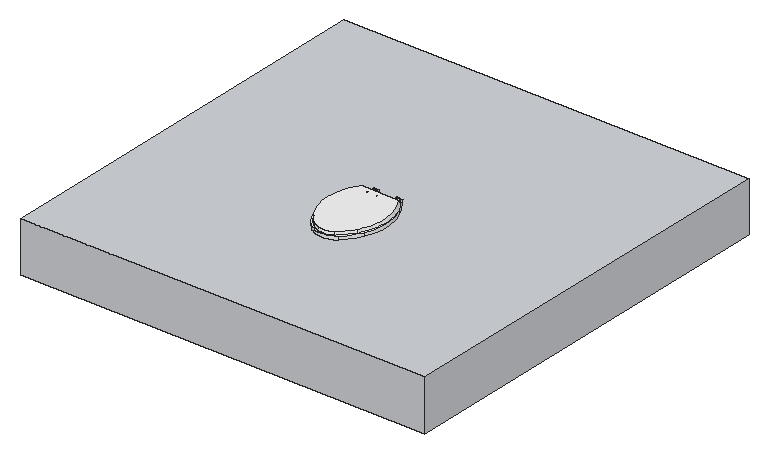
Revit family
Parameters (values of type "Polypropylene-White-0")
  Width = 1' - 2 3/16"
  URL = "http://www.us.kohler.com"
  Product Page URL = "http://www.us.kohler.com/onlinecatalog/detail.jsp?prod_num=4733"
  Product Documentation Link = "http://www.us.kohler.com/onlinecatalog/pdf/1061857_4.pdf"
  Model = "K-4733"  # constant formula
  Manufacturer = "Kohler"  # constant formula
  Length = 1' - 6 5/8"
  Height = 0' - 1 27/32"
  Finish = Polypropylene-Kohler-0-White
  Description = "Glenbury(tm) Elongated Toilet Seat with Q3 Advantage(tm)"  # constant formula
  Default Elevation = 0' - 0"
  Created By = "http://medialab3dstudio.com/"
  Assembly Code = "C1030200"
  ADA Compliant = no
Reference planes (in)
  plane 1 "Pivot Center": y = 0
  plane 2 "Bottom": z = 0
  plane 3 "Center (Left/Right)": x = 0
  plane 4 "Left": x = -7.09375
  plane 5 "Right": x = 7.09375
  plane 6 "Front": y = -18.625
  plane 7 "Top": z = 1.84375
  plane 8: z = 0.95237
  plane 9: z = 0.75688
  plane 10: z = 1.45127
  plane 11: z = 1.94195
  plane 12: y = -3.12931
  plane 13 "Back": y = 1.08495
  plane 14: y = -1.04022
  plane 15: x = -4.11485
  plane 16: x = 4.11485
  plane 17: x = 4.80147
  plane 18: x = -4.80147
  plane 19: y = -1.2242
  plane 20: y = -14.47078
  plane 21: x = -5.26405
  plane 22: x = 5.26405
  plane 23: y = -17.77169
  plane 24: x = -2.35317
  plane 25: x = 2.35317
  plane 26: y = -1.3275
  plane 27: x = -3.98386
  plane 28: x = 3.98786
  plane 29: y = -1.50562
  plane 30: x = 4.64862
  plane 31: x = -4.64862
  plane 32: y = -14.33051
  plane 33: x = -5.09647
  plane 34: x = 5.09647
  plane 35: y = -17.52634
  plane 36: x = 2.27826
  plane 37: x = -2.27826
  plane 38: x = -5.99318
  plane 39: x = 6.00347
  plane 40: y = -13.2792
  plane 41: y = -17.44483
  plane 42: x = 3.19407
  plane 43: x = -3.19371
  plane 44: y = -0.57214
  plane 45: x = -7.26472
  plane 46: y = -3.80313
  plane 47: x = -6.24179
  plane 48: x = -4.70871
  plane 49: x = -4.33174
  plane 50: y = -0.7054
  plane 51: x = -3.42708
  plane 52: y = -1.52498
  plane 53: y = -0.8087
  plane 54: x = 7.26472
  plane 55: x = 6.24179
  plane 56: x = 4.70871
  plane 57: x = 4.33174
  plane 58: x = 3.42708
  plane 59: y = 0.90205
  plane 60: z = 0.38716
  plane 61: y = 1.02392
  plane 62: z = 0.57112
  plane 63: y = 1.06639
  plane 64: y = 0.80927
  plane 65: z = 0.60129
  plane 66: y = -0.10557
  plane 67: z = 0.61726
  plane 68: z = 0.66991
  plane 69: y = -0.48018
  plane 70: y = -0.74537
  plane 71: z = 0.79356
  plane 72: y = -0.88092
  plane 73: z = 0.78646
  plane 74: y = -1.18866
  plane 75: z = 0.70973
  plane 76: x = -3.42685
  plane 77: x = -2.118
  plane 78: x = 2.07618
  plane 79: x = 3.42897
  plane 80: y = -1.10177
  plane 81: z = 0.91266
  plane 82: y = -1.08882
Forms (in)
  Extrusion 1, solid
    sketch origin (0, 0, 0) x (1, 0, 0) y (0, 1, 0)
      loop
        line (-48, 48) -> (-48, -48) -> (48, -48) -> (48, 48) -> (-48, 48)
    from 0 to -12
  Blend 2, solid, material "Polypropylene-Kohler-0-White" <- "Finish"
    base sketch origin (0, 0, 0) x (1, 0, 0) y (0, 1, 0)
      loop
        line (4.11485, -1.04022) -> (-4.11485, -1.04022) -> (-4.80147, -1.2242)
        arc (-4.80147, -1.2242) -> (-6.96148, -7.78014) -> (-5.26405, -14.47078) r 12.34417
        arc (-5.26405, -14.47078) -> (-3.9666, -16.26056) -> (-2.35317, -17.77169) r 11.59958
        arc (-2.35317, -17.77169) -> (0, -18.41734) -> (2.35317, -17.77169) r 4.61111
        arc (2.35317, -17.77169) -> (3.9666, -16.26056) -> (5.26405, -14.47078) r 11.59958
        arc (5.26405, -14.47078) -> (6.96148, -7.78014) -> (4.80147, -1.2242) r 12.34417
        line (4.80147, -1.2242) -> (4.11485, -1.04022)
    top sketch origin (0, 0, 0) x (1, 0, 0) y (0, 1, 0)
      loop
        line (3.98386, -1.3275) -> (-3.98386, -1.3275) -> (-4.64862, -1.50562)
        arc (-4.64862, -1.50562) -> (-6.73987, -7.85286) -> (-5.09647, -14.33051) r 11.95121
        arc (-5.09647, -14.33051) -> (-3.84033, -16.06331) -> (-2.27826, -17.52634) r 11.23032
        arc (-2.27826, -17.52634) -> (0, -18.15144) -> (2.27826, -17.52634) r 4.46432
        arc (2.27826, -17.52634) -> (3.84033, -16.06331) -> (5.09647, -14.33051) r 11.23032
        arc (5.09647, -14.33051) -> (6.73987, -7.85286) -> (4.64862, -1.50562) r 11.95121
        line (4.64862, -1.50562) -> (3.98386, -1.3275)
    from 0.95237 to 1.84375
  Extrusion 3, void
    sketch origin (0, 0, 0) x (0, 1, 0) y (0, 0, 1)
      loop
        line (0, 1.84375) -> (0, 1.94195) -> (-18.625, 1.94195) -> (-18.625, 1.45139) -> (0, 1.84375)
    from -7.09375 to 7.09375
  Extrusion 4, solid, material "Polypropylene-Kohler-0-White" <- "Finish"
    sketch origin (0, 0, 0) x (1, 0, 0) y (0, 1, 0)
      loop
        line (6.00347, -3.12931) -> (-5.99318, -3.12931)
        arc (-5.99318, -3.12931) -> (-7.09725, -8.20426) -> (-5.99318, -13.2792) r 12.2158
        arc (-5.99318, -13.2792) -> (-4.87757, -15.55296) -> (-3.19371, -17.44483) r 9.36926
        arc (-3.19371, -17.44483) -> (0.00024, -18.625) -> (3.19407, -17.44449) r 4.91137
        arc (3.19407, -17.44449) -> (4.82053, -15.51142) -> (6.00347, -13.2792) r 11.92983
        arc (6.00347, -13.2792) -> (7.10753, -8.20426) -> (6.00347, -3.12931) r 12.2158
    from 0 to 0.75688
  Extrusion 5, solid, material "Polypropylene-Kohler-0-White" <- "Finish"
    sketch origin (0, 0, 0) x (0, 1, 0) y (0, 0, 1)
      loop
        arc (-3.12931, 0) -> (-1.90992, 0.16053) -> (-0.76113, 0.59982) r 5.26053
        arc (-0.76113, 0.59982) -> (-0.77843, 0.90812) -> (-0.83848, 1.21102) r 2.21366
        arc (-0.83848, 1.21102) -> (-0.90732, 1.27901) -> (-1.00063, 1.30464) r 0.19141
        arc (-1.00063, 1.30464) -> (-1.11085, 1.30591) -> (-1.21917, 1.28552) r 0.55893
        arc (-1.21917, 1.28552) -> (-1.64538, 1.16483) -> (-2.05554, 0.99753) r 3.98137
        arc (-2.05554, 0.99753) -> (-2.57898, 0.81724) -> (-3.12931, 0.75688) r 2.49387
        line (-3.12931, 0.75688) -> (-3.12931, 0)
    from -7.09375 to 7.09375
  Extrusion 6, void
    sketch origin (0, 0, 0) x (1, 0, 0) y (0, 1, 0)
      loop
        arc (-6.24179, -3.80313) -> (-5.58957, -2.24746) -> (-4.70898, -0.8087) r 11.09088
        arc (-4.70898, -0.8087) -> (-4.52731, -0.73169) -> (-4.33174, -0.7054) r 0.74043
        line (-4.33174, -0.7054) -> (-3.42708, -0.7054) -> (-3.42708, -1.52498)
        arc (-3.42708, -1.52498) -> (0.00094, -1.55068) -> (3.42897, -1.52495) r 228.5301
        line (3.42897, -1.52495) -> (3.42897, -0.7054) -> (4.33174, -0.7054)
        arc (4.33174, -0.7054) -> (4.52731, -0.73169) -> (4.70898, -0.8087) r 0.74043
        arc (4.70898, -0.8087) -> (5.58957, -2.24746) -> (6.24179, -3.80313) r 11.09088
        line (6.24179, -3.80313) -> (7.26472, -3.80313) -> (7.26472, -0.57214) -> (-7.26472, -0.57214) -> (-7.26472, -3.80313) -> (-6.24179, -3.80313)
    from 0 to 1.94195
  Extrusion 7, solid, material "Polypropylene-Kohler-0-White" <- "Finish"
    sketch origin (0, 0, 0) x (0, 1, 0) y (0, 0, 1)
      loop
        line (-1.18866, 0) -> (0.90205, 0)
        arc (0.90205, 0) -> (0.93061, 0.21634) -> (1.06639, 0.38716) r 0.40879
        arc (1.06639, 0.38716) -> (1.08141, 0.48751) -> (1.02392, 0.57112) r 0.13837
        line (1.02392, 0.57112) -> (0.80927, 0.60129) -> (-0.10557, 0.61726)
        arc (-0.10557, 0.61726) -> (-0.29448, 0.63213) -> (-0.48018, 0.66991) r 1.55204
        line (-0.48018, 0.66991) -> (-0.74537, 0.79356)
        arc (-0.74537, 0.79356) -> (-0.81343, 0.79542) -> (-0.88092, 0.78646) r 0.42827
        line (-0.88092, 0.78646) -> (-1.18866, 0.70973) -> (-1.18866, 0)
    from -3.42685 to -2.118
  Extrusion 8, solid, material "Polypropylene-Kohler-0-White" <- "Finish"
    sketch origin (0, 0, 0) x (0, 1, 0) y (0, 0, 1)
      loop
        line (-1.18866, 0) -> (0.90205, 0)
        arc (0.90205, 0) -> (0.93061, 0.21634) -> (1.06639, 0.38716) r 0.40879
        arc (1.06639, 0.38716) -> (1.08141, 0.48751) -> (1.02392, 0.57112) r 0.13837
        line (1.02392, 0.57112) -> (0.80927, 0.60129) -> (-0.10557, 0.61726)
        arc (-0.10557, 0.61726) -> (-0.29448, 0.63213) -> (-0.48018, 0.66991) r 1.55204
        line (-0.48018, 0.66991) -> (-0.74537, 0.79356)
        arc (-0.74537, 0.79356) -> (-0.81343, 0.79542) -> (-0.88092, 0.78646) r 0.42827
        line (-0.88092, 0.78646) -> (-1.18866, 0.70973) -> (-1.18866, 0)
    from 2.07618 to 3.42897
  Extrusion 9, solid, material "Polypropylene-Kohler-0-White" <- "Finish"
    sketch origin (0, 0, 0) x (0, 1, 0) y (0, 0, 1)
      loop
        arc (-0.91311, 0.91266) -> (-0.96837, 1.04607) -> (-1.10177, 1.10133) r 0.18866
        arc (-1.10177, 1.10133) -> (-1.23518, 1.04607) -> (-1.29044, 0.91266) r 0.18866
        arc (-1.29044, 0.91266) -> (-1.23518, 0.77926) -> (-1.10177, 0.724) r 0.18866
        arc (-1.10177, 0.724) -> (-0.96837, 0.77926) -> (-0.91311, 0.91266) r 0.18866
    from -3.42685 to 3.42897
Cuts and joins
  Extrusion 3 cuts Blend 2
  Extrusion 6 cuts Extrusion 5
  joined: Blend 2, Extrusion 4, Extrusion 5, Extrusion 9
Lines and regions (in)
  Masking region 1, detail levels coarse
    outline origin (0, 0, 0) x (1, 0, 0) y (0, 1, 0)
      loop
        line (-7.09375, 1.08495) -> (-7.09375, -18.625) -> (7.09375, -18.625) -> (7.09375, 1.08495) -> (-7.09375, 1.08495)
  Masking region 2, detail levels medium+fine
    outline origin (0, 0, 0) x (1, 0, 0) y (0, 1, 0)
      loop
        arc (-5.99455, -3.1323) -> (-7.09725, -8.2059) -> (-5.99318, -13.2792) r 12.2158
        arc (-5.99318, -13.2792) -> (-4.87757, -15.55296) -> (-3.19371, -17.44483) r 9.36926
        arc (-3.19371, -17.44483) -> (0.00024, -18.625) -> (3.19407, -17.44449) r 4.91137
        arc (3.19407, -17.44449) -> (4.82053, -15.51142) -> (6.00347, -13.2792) r 11.92983
        arc (6.00347, -13.2792) -> (7.10703, -8.09306) -> (5.90924, -2.92787) r 12.2158
        arc (5.90924, -2.92787) -> (5.36746, -1.83524) -> (4.70898, -0.8087) r 11.09088
        arc (4.70898, -0.8087) -> (4.66213, -0.78319) -> (4.61357, -0.76113) r 0.74043
        line (4.61357, -0.76113) -> (3.42897, -0.76113) -> (3.42897, 1.08495) -> (2.07618, 1.08495) -> (2.07618, -0.91505) -> (-2.118, -0.91505) -> (-2.118, 1.08495) -> (-3.42685, 1.08495) -> (-3.42685, -0.76113) -> (-4.61357, -0.76113)
        arc (-4.61357, -0.76113) -> (-4.66213, -0.78319) -> (-4.70898, -0.8087) r 0.74043
        arc (-4.70898, -0.8087) -> (-5.42156, -1.93189) -> (-5.99455, -3.1323) r 11.09088
  Masking region 3, detail levels coarse
    outline origin (0, 0, 0) x (1, 0, 0) y (0, 0, 1)
      loop
        line (-7.09375, 1.84375) -> (-7.09375, 0) -> (7.09375, 0) -> (7.09375, 1.84375) -> (-7.09375, 1.84375)
  Masking region 4, detail levels medium+fine
    outline origin (0, 0, 0) x (1, 0, 0) y (0, 0, 1)
      loop
        line (-7.09725, 0) -> (7.09375, 0) -> (7.09375, 0.75688) -> (5.99334, 0.75688)
        spline (5.99334, 0.75688) -> (5.95799, 0.75827) -> (5.9221, 0.7624) -> (5.88572, 0.76927) -> (5.84887, 0.77887) -> (5.81159, 0.79119) -> (5.77391, 0.80622) -> (5.73587, 0.82395) -> (5.69751, 0.84436) -> (5.65885, 0.86743) -> (5.61995, 0.89314) -> (5.58083, 0.92146) -> (5.54154, 0.95237)
        line (5.54154, 0.95237) -> (6.969, 0.95237) -> (6.78991, 1.67443)
        spline (6.78991, 1.67443) -> (6.77463, 1.68674) -> (6.72883, 1.69901) -> (6.65262, 1.71123) -> (6.54621, 1.72335) -> (6.40986, 1.73534) -> (6.24392, 1.74718) -> (6.04881, 1.75884) -> (5.82502, 1.77028) -> (5.57314, 1.78148) -> (5.2938, 1.7924) -> (4.9877, 1.80302) -> (4.65564, 1.81332)
        line (4.65564, 1.81332) -> (3.98786, 1.81693) -> (-3.98786, 1.81693) -> (-4.65564, 1.81332)
        spline (-4.65564, 1.81332) -> (-4.97852, 1.80332) -> (-5.27691, 1.79302) -> (-5.55012, 1.78243) -> (-5.79748, 1.77158) -> (-6.01839, 1.7605) -> (-6.21233, 1.74921) -> (-6.37883, 1.73774) -> (-6.51749, 1.72612) -> (-6.62798, 1.71437) -> (-6.71003, 1.70253) -> (-6.76344, 1.69062) -> (-6.78809, 1.67867)
      loop
        line (-6.79111, 1.67943) -> (-6.969, 0.95237) -> (-5.5433, 0.95237)
        spline (-5.5433, 0.95237) -> (-5.58335, 0.92174) -> (-5.62306, 0.89364) -> (-5.66238, 0.86811) -> (-5.7013, 0.84517) -> (-5.73976, 0.82484) -> (-5.77773, 0.80713) -> (-5.81518, 0.79208) -> (-5.85207, 0.77968) -> (-5.88836, 0.76995) -> (-5.92403, 0.76291) -> (-5.95903, 0.75855) -> (-5.99334, 0.75688)
        line (-5.99334, 0.75688) -> (-7.09375, 0.75688) -> (-7.09375, 0)
  Masking region 5, detail levels coarse
    outline origin (0, 0, 0) x (0, 1, 0) y (0, 0, 1)
      loop
        line (1.08495, 1.84375) -> (-18.625, 1.84375) -> (-18.625, 0) -> (1.08495, 0) -> (1.08495, 1.84375)
  Masking region 6, detail levels medium+fine
    outline origin (0, 0, 0) x (0, 1, 0) y (0, 0, 1)
      loop
        line (-18.25065, 1.45901) -> (-18.41734, 0.95237) -> (-2.15647, 0.95237)
        arc (-2.15647, 0.95237) -> (-2.63307, 0.80575) -> (-3.12931, 0.75688) r 2.49387
        line (-3.12931, 0.75688) -> (-18.625, 0.75688) -> (-18.625, 0) -> (-3.12931, 0)
        arc (-3.12931, 0) -> (-2.13999, 0.10772) -> (-1.18866, 0.39984) r 5.26053
        line (-1.18866, 0.39984) -> (-1.18866, 0) -> (0.90205, 0)
        arc (0.90205, 0) -> (0.93061, 0.21634) -> (1.06639, 0.38716) r 0.40879
        arc (1.06639, 0.38716) -> (1.08141, 0.48751) -> (1.02392, 0.57112) r 0.13837
        line (1.02392, 0.57112) -> (0.80927, 0.60129) -> (-0.10557, 0.61726)
        arc (-0.10557, 0.61726) -> (-0.29448, 0.63213) -> (-0.48018, 0.66991) r 1.55204
        line (-0.48018, 0.66991) -> (-0.76775, 0.804)
        arc (-0.76775, 0.804) -> (-0.7936, 1.00916) -> (-0.83848, 1.21102) r 2.21366
        arc (-0.83848, 1.21102) -> (-0.90732, 1.27901) -> (-1.00063, 1.30464) r 0.19141
        arc (-1.00063, 1.30464) -> (-1.07752, 1.30782) -> (-1.15412, 1.30041) r 0.55893
        line (-1.15412, 1.30041) -> (-1.31872, 1.81693) -> (-18.25065, 1.45901)
  symbolic lines, style "Masking Lines", detail levels fine
    curve 1: spline (-5.39717, -13.9346, 0) -> (-5.86328, -12.94762, 0) -> (-6.23771, -11.92236, 0) -> (-6.51738, -10.86732, 0) -> (-6.69997, -9.79123, 0) -> (-6.78396, -8.703, 0) -> (-6.76865, -7.61164, 0) -> (-6.65418, -6.52619, 0) -> (-6.4415, -5.45564, 0) -> (-6.13235, -4.40885, 0) -> (-5.72931, -3.39449, 0) -> (-5.23571, -2.42096, 0) -> (-4.65564, -1.49633, 0)
    curve 2: spline (-2.30894, -17.62647, 0) -> (-2.62361, -17.37283, 0) -> (-2.92905, -17.10816, 0) -> (-3.22487, -16.83278, 0) -> (-3.51071, -16.54706, 0) -> (-3.78619, -16.25135, 0) -> (-4.05097, -15.94602, 0) -> (-4.30472, -15.63146, 0) -> (-4.54711, -15.30808, 0) -> (-4.77783, -14.97627, 0) -> (-4.9966, -14.63647, 0) -> (-5.20313, -14.2891, 0) -> (-5.39717, -13.9346, 0)
    curve 3: spline (2.30894, -17.62647, 0) -> (1.95327, -17.81795, 0) -> (1.58185, -17.97676, 0) -> (1.19768, -18.10163, 0) -> (0.80386, -18.19155, 0) -> (0.40355, -18.24579, 0) -> (0, -18.26392, 0) -> (-0.40355, -18.24579, 0) -> (-0.80386, -18.19155, 0) -> (-1.19768, -18.10163, 0) -> (-1.58185, -17.97676, 0) -> (-1.95327, -17.81795, 0) -> (-2.30894, -17.62647, 0)
    curve 4: spline (5.39717, -13.9346, 0) -> (5.20313, -14.2891, 0) -> (4.9966, -14.63647, 0) -> (4.77783, -14.97627, 0) -> (4.54711, -15.30808, 0) -> (4.30472, -15.63146, 0) -> (4.05097, -15.94602, 0) -> (3.78619, -16.25135, 0) -> (3.51071, -16.54706, 0) -> (3.22487, -16.83278, 0) -> (2.92905, -17.10816, 0) -> (2.62361, -17.37283, 0) -> (2.30894, -17.62647, 0)
    curve 5: spline (4.65564, -1.49633, 0) -> (5.23571, -2.42096, 0) -> (5.72931, -3.39449, 0) -> (6.13235, -4.40885, 0) -> (6.4415, -5.45564, 0) -> (6.65418, -6.52619, 0) -> (6.76865, -7.61164, 0) -> (6.78396, -8.703, 0) -> (6.69997, -9.79123, 0) -> (6.51738, -10.86732, 0) -> (6.23771, -11.92236, 0) -> (5.86328, -12.94762, 0) -> (5.39717, -13.9346, 0)
    curve 6: line (3.98786, -1.31872, 0) -> (4.65564, -1.49633, 0)
    curve 7: line (-3.98786, -1.31872, 0) -> (3.98786, -1.31872, 0)
    curve 8: line (-4.65564, -1.49633, 0) -> (-3.98786, -1.31872, 0)
    curve 9: line (-4.06291, -1.15412, 0) -> (-3.42708, -1.15412, 0)
    curve 10: spline (-4.74777, -1.32307, 0) -> (-4.71263, -1.31445, 0) -> (-4.67749, -1.30583, 0) -> (-4.64234, -1.29719, 0) -> (-4.6072, -1.28855, 0) -> (-4.57207, -1.2799, 0) -> (-4.53693, -1.27125, 0) -> (-4.50179, -1.26258, 0) -> (-4.46665, -1.25392, 0) -> (-4.43151, -1.24524, 0) -> (-4.39638, -1.23656, 0) -> (-4.36124, -1.22787, 0) -> (-4.32611, -1.21917, 0)
    curve 11: spline (-4.32611, -1.21917, 0) -> (-4.30416, -1.21386, 0) -> (-4.28223, -1.20852, 0) -> (-4.26029, -1.20317, 0) -> (-4.23835, -1.19779, 0) -> (-4.21641, -1.1924, 0) -> (-4.19448, -1.18699, 0) -> (-4.17255, -1.18156, 0) -> (-4.15062, -1.17611, 0) -> (-4.12869, -1.17064, 0) -> (-4.10676, -1.16515, 0) -> (-4.08484, -1.15965, 0) -> (-4.06291, -1.15412, 0)
    curve 12: spline (-5.30469, -2.05042, 0) -> (-5.25992, -1.99081, 0) -> (-5.21482, -1.93098, 0) -> (-5.1694, -1.87094, 0) -> (-5.12367, -1.81071, 0) -> (-5.07765, -1.75028, 0) -> (-5.03132, -1.68968, 0) -> (-4.98472, -1.62892, 0) -> (-4.93784, -1.56801, 0) -> (-4.8907, -1.50695, 0) -> (-4.8433, -1.44577, 0) -> (-4.79565, -1.38448, 0) -> (-4.74777, -1.32307, 0)
    curve 13: spline (-5.38225, -2.15649, 0) -> (-5.37585, -2.14753, 0) -> (-5.36944, -2.13859, 0) -> (-5.36301, -2.12968, 0) -> (-5.35657, -2.12078, 0) -> (-5.35013, -2.11191, 0) -> (-5.34367, -2.10306, 0) -> (-5.3372, -2.09423, 0) -> (-5.33072, -2.08542, 0) -> (-5.32423, -2.07664, 0) -> (-5.31773, -2.06787, 0) -> (-5.31121, -2.05913, 0) -> (-5.30469, -2.05042, 0)
    curve 14: arc (-5.26405, -14.47078, 0) -> (-6.96843, -8.32943, 0) -> (-5.38225, -2.15649, 0) r 12.34417
    curve 15: arc (-2.35317, -17.77169, 0) -> (-3.9666, -16.26056, 0) -> (-5.26405, -14.47078, 0) r 11.59958
    curve 16: arc (2.35317, -17.77169, 0) -> (0, -18.41734, 0) -> (-2.35317, -17.77169, 0) r 4.61111
    curve 17: arc (5.26405, -14.47078, 0) -> (3.9666, -16.26056, 0) -> (2.35317, -17.77169, 0) r 11.59958
    curve 18: arc (5.38224, -2.15647, 0) -> (6.96843, -8.32942, 0) -> (5.26405, -14.47078, 0) r 12.34417
    curve 19: spline (4.74777, -1.32307, 0) -> (4.79622, -1.38473, 0) -> (4.8444, -1.44631, 0) -> (4.89228, -1.5078, 0) -> (4.93986, -1.56921, 0) -> (4.98713, -1.6305, 0) -> (5.03407, -1.69168, 0) -> (5.08069, -1.75272, 0) -> (5.12697, -1.81362, 0) -> (5.17291, -1.87436, 0) -> (5.21848, -1.93494, 0) -> (5.26369, -1.99533, 0) -> (5.30853, -2.05554, 0)
    curve 20: spline (4.32611, -1.21917, 0) -> (4.36124, -1.22787, 0) -> (4.39638, -1.23656, 0) -> (4.43151, -1.24524, 0) -> (4.46665, -1.25392, 0) -> (4.50179, -1.26258, 0) -> (4.53693, -1.27125, 0) -> (4.57206, -1.2799, 0) -> (4.6072, -1.28855, 0) -> (4.64234, -1.29719, 0) -> (4.67748, -1.30583, 0) -> (4.71263, -1.31445, 0) -> (4.74777, -1.32307, 0)
    curve 21: spline (4.06291, -1.15412, 0) -> (4.08484, -1.15965, 0) -> (4.10676, -1.16515, 0) -> (4.12869, -1.17064, 0) -> (4.15062, -1.17611, 0) -> (4.17255, -1.18156, 0) -> (4.19448, -1.18699, 0) -> (4.21641, -1.1924, 0) -> (4.23835, -1.19779, 0) -> (4.26029, -1.20317, 0) -> (4.28222, -1.20852, 0) -> (4.30416, -1.21386, 0) -> (4.32611, -1.21917, 0)
    curve 22: line (3.42897, -1.15412, 0) -> (4.06291, -1.15412, 0)
    curve 23: line (3.42897, -1.08882, 0) -> (-3.42685, -1.08882, 0)
    curve 24: line (-6.969, -18.625, 0.95237) -> (6.969, -18.625, 0.95237)
    curve 25: line (7.10753, -18.625, 0.75688) -> (-7.09375, -18.625, 0.75688)
    curve 26: spline (-5.0348, -18.625, 1.53382) -> (-5.3092, -18.625, 1.54345) -> (-5.5617, -18.625, 1.55333) -> (-5.79176, -18.625, 1.56343) -> (-5.99891, -18.625, 1.57374) -> (-6.18272, -18.625, 1.58423) -> (-6.3428, -18.625, 1.59488) -> (-6.47882, -18.625, 1.60566) -> (-6.5905, -18.625, 1.61656) -> (-6.6776, -18.625, 1.62756) -> (-6.73995, -18.625, 1.63862) -> (-6.77741, -18.625, 1.64973) -> (-6.78991, -18.625, 1.66086)
    curve 27: spline (-2.30032, -18.625, 1.47161) -> (-2.56877, -18.625, 1.47598) -> (-2.83059, -18.625, 1.48051) -> (-3.08555, -18.625, 1.4852) -> (-3.3334, -18.625, 1.49004) -> (-3.57392, -18.625, 1.49504) -> (-3.8069, -18.625, 1.50018) -> (-4.03212, -18.625, 1.50546) -> (-4.24936, -18.625, 1.51088) -> (-4.45844, -18.625, 1.51643) -> (-4.65917, -18.625, 1.52211) -> (-4.85134, -18.625, 1.5279) -> (-5.0348, -18.625, 1.53382)
    curve 28: spline (2.30894, -18.625, 1.47171) -> (1.95402, -18.625, 1.46783) -> (1.58341, -18.625, 1.4646) -> (1.2001, -18.625, 1.46206) -> (0.80715, -18.625, 1.46023) -> (0.40772, -18.625, 1.45913) -> (0.00502, -18.625, 1.45875) -> (-0.39772, -18.625, 1.45911) -> (-0.79727, -18.625, 1.4602) -> (-1.19042, -18.625, 1.46201) -> (-1.57402, -18.625, 1.46453) -> (-1.94498, -18.625, 1.46774) -> (-2.30032, -18.625, 1.47161)
    curve 29: spline (5.03298, -18.625, 1.53373) -> (4.85009, -18.625, 1.52784) -> (4.65854, -18.625, 1.52206) -> (4.45851, -18.625, 1.5164) -> (4.25017, -18.625, 1.51087) -> (4.03373, -18.625, 1.50547) -> (3.80937, -18.625, 1.50021) -> (3.5773, -18.625, 1.49508) -> (3.33774, -18.625, 1.4901) -> (3.09089, -18.625, 1.48527) -> (2.83699, -18.625, 1.48059) -> (2.57626, -18.625, 1.47607) -> (2.30894, -18.625, 1.47171)
    curve 30: spline (6.78991, -18.625, 1.66084) -> (6.7774, -18.625, 1.6497) -> (6.7399, -18.625, 1.63858) -> (6.67749, -18.625, 1.62752) -> (6.59029, -18.625, 1.61652) -> (6.47849, -18.625, 1.60561) -> (6.34233, -18.625, 1.59482) -> (6.18208, -18.625, 1.58417) -> (5.99808, -18.625, 1.57367) -> (5.79071, -18.625, 1.56336) -> (5.56041, -18.625, 1.55325) -> (5.30766, -18.625, 1.54337) -> (5.03298, -18.625, 1.53373)
    curve 31: arc (0, -1.18866, 0.39984) -> (0, -0.97265, 0.49503) -> (0, -0.76113, 0.59982) r 5.26053
    curve 32: arc (0, -1.15385, 1.29957) -> (0, -1.66228, 1.15896) -> (0, -2.14767, 0.95237) r 3.98137
    curve 33: spline (5.54154, 1.08495, 0.95237) -> (5.53716, 1.08495, 0.95596) -> (5.53279, 1.08495, 0.95958) -> (5.52841, 1.08495, 0.96324) -> (5.52403, 1.08495, 0.96692) -> (5.51965, 1.08495, 0.97064) -> (5.51527, 1.08495, 0.97439) -> (5.51089, 1.08495, 0.97817) -> (5.5065, 1.08495, 0.98198) -> (5.50212, 1.08495, 0.98582) -> (5.49773, 1.08495, 0.98969) -> (5.49334, 1.08495, 0.9936) -> (5.48895, 1.08495, 0.99753)
    curve 34: spline (5.48895, 1.08495, 0.99753) -> (5.45144, 1.08495, 1.02938) -> (5.41317, 1.08495, 1.05982) -> (5.37414, 1.08495, 1.08887) -> (5.33438, 1.08495, 1.1165) -> (5.2939, 1.08495, 1.1427) -> (5.25271, 1.08495, 1.16747) -> (5.21083, 1.08495, 1.1908) -> (5.16826, 1.08495, 1.21267) -> (5.12504, 1.08495, 1.23309) -> (5.08117, 1.08495, 1.25204) -> (5.03666, 1.08495, 1.26952) -> (4.99154, 1.08495, 1.28552)
    curve 35: spline (4.99154, 1.08495, 1.28552) -> (4.9796, 1.08495, 1.29043) -> (4.96757, 1.08495, 1.29474) -> (4.95547, 1.08495, 1.29846) -> (4.94329, 1.08495, 1.30157) -> (4.93105, 1.08495, 1.30408) -> (4.91876, 1.08495, 1.30598) -> (4.90643, 1.08495, 1.30728) -> (4.89407, 1.08495, 1.30797) -> (4.88169, 1.08495, 1.30805) -> (4.86929, 1.08495, 1.30752) -> (4.85688, 1.08495, 1.30638) -> (4.84449, 1.08495, 1.30464)
    curve 36: spline (4.84449, 1.08495, 1.30464) -> (4.83307, 1.08495, 1.30411) -> (4.82179, 1.08495, 1.30216) -> (4.81073, 1.08495, 1.29881) -> (4.79995, 1.08495, 1.29407) -> (4.7895, 1.08495, 1.28797) -> (4.77944, 1.08495, 1.28054) -> (4.76984, 1.08495, 1.27184) -> (4.76074, 1.08495, 1.26189) -> (4.7522, 1.08495, 1.25078) -> (4.74427, 1.08495, 1.23854) -> (4.73699, 1.08495, 1.22527) -> (4.7304, 1.08495, 1.21102)
    curve 37: spline (4.7304, 1.08495, 1.21102) -> (4.72843, 1.08495, 1.20084) -> (4.7265, 1.08495, 1.19063) -> (4.7246, 1.08495, 1.18041) -> (4.72273, 1.08495, 1.17017) -> (4.72089, 1.08495, 1.15992) -> (4.71909, 1.08495, 1.14964) -> (4.71732, 1.08495, 1.13935) -> (4.71558, 1.08495, 1.12904) -> (4.71388, 1.08495, 1.11872) -> (4.71221, 1.08495, 1.10837) -> (4.71058, 1.08495, 1.09802) -> (4.70898, 1.08495, 1.08764)
    curve 38: line (4.70898, 1.08495, 1.08764) -> (4.70898, 1.08495, 0.57586)
    curve 39: spline (4.70898, 1.08495, 0.57586) -> (4.83233, 1.08495, 0.49027) -> (4.95325, 1.08495, 0.4112) -> (5.07157, 1.08495, 0.33878) -> (5.18712, 1.08495, 0.2731) -> (5.29975, 1.08495, 0.21424) -> (5.4093, 1.08495, 0.1623) -> (5.51563, 1.08495, 0.11734) -> (5.61857, 1.08495, 0.07942) -> (5.718, 1.08495, 0.0486) -> (5.81378, 1.08495, 0.02492) -> (5.90577, 1.08495, 0.00841) -> (5.99384, 1.08495, -0.0009)
    curve 40: spline (4.61357, 1.08495, 0.59982) -> (4.62182, 1.08495, 0.59801) -> (4.63002, 1.08495, 0.59616) -> (4.63816, 1.08495, 0.59426) -> (4.64626, 1.08495, 0.59231) -> (4.6543, 1.08495, 0.59033) -> (4.66229, 1.08495, 0.5883) -> (4.67022, 1.08495, 0.58622) -> (4.67809, 1.08495, 0.58411) -> (4.68591, 1.08495, 0.58195) -> (4.69366, 1.08495, 0.57974) -> (4.70135, 1.08495, 0.5775) -> (4.70898, 1.08495, 0.57521)
    curve 41: line (4.61357, 1.08495, 0.59982) -> (3.42897, 1.08495, 0.59982)
    curve 42: line (3.42897, 1.08495, 0) -> (3.42897, 1.08495, 0.79356)
    curve 43: line (3.42897, 1.08495, 0.27383) -> (3.42897, 1.08495, 1.30464)
    curve 44: line (3.42897, 1.08495, 1.30464) -> (4.84449, 1.08495, 1.30464)
    curve 45: line (-3.42708, 1.08495, 1.10088) -> (3.42897, 1.08495, 1.10088)
    curve 46: line (2.07618, 1.08495, 0.79356) -> (3.42897, 1.08495, 0.79356)
    curve 47: line (2.07618, 1.08495, 0.79356) -> (2.07618, 1.08495, 0)
    curve 48: line (2.07618, 1.08495, 0.38716) -> (3.42897, 1.08495, 0.38716)
    curve 49: line (2.07618, 1.08495, 0.57112) -> (3.42897, 1.08495, 0.57112)
    curve 50: line (2.07618, 1.08495, 0.60129) -> (3.42897, 1.08495, 0.60129)
    curve 51: line (2.07618, 1.08495, 0.66991) -> (3.42897, 1.08495, 0.66991)
    curve 52: spline (-2.118, 1.08495, 0.26848) -> (-1.76849, 1.08495, 0.26748) -> (-1.41898, 1.08495, 0.26666) -> (-1.06947, 1.08495, 0.26602) -> (-0.71995, 1.08495, 0.26557) -> (-0.37043, 1.08495, 0.26529) -> (-0.02091, 1.08495, 0.26518) -> (0.32861, 1.08495, 0.26526) -> (0.67813, 1.08495, 0.26552) -> (1.02764, 1.08495, 0.26596) -> (1.37716, 1.08495, 0.26658) -> (1.72667, 1.08495, 0.26738) -> (2.07618, 1.08495, 0.26835)
    curve 53: line (2.07618, 1.08495, 0.75688) -> (-3.42708, 1.08495, 0.75688)
    curve 54: line (-3.42708, 1.08495, 0.38716) -> (-2.118, 1.08495, 0.38716)
    curve 55: line (-3.42708, 1.08495, 0.57112) -> (-2.118, 1.08495, 0.57112)
    curve 56: line (-3.42708, 1.08495, 0.60129) -> (-2.118, 1.08495, 0.60129)
    curve 57: line (-3.42708, 1.08495, 0.66991) -> (-2.118, 1.08495, 0.66991)
    curve 58: line (-3.42708, 1.08495, 0.79356) -> (-2.118, 1.08495, 0.79356)
    curve 59: line (-2.118, 1.08495, 0) -> (-2.118, 1.08495, 0.79356)
    curve 60: line (-3.42708, 1.08495, 1.30464) -> (-3.42708, 1.08495, 0)
    curve 61: line (-4.84449, 1.08495, 1.30464) -> (-3.42708, 1.08495, 1.30464)
    curve 62: line (-3.42708, 1.08495, 0.59982) -> (-4.61357, 1.08495, 0.59982)
    curve 63: spline (-4.71059, 1.08495, 0.57473) -> (-4.70284, 1.08495, 0.57706) -> (-4.69502, 1.08495, 0.57934) -> (-4.68714, 1.08495, 0.58159) -> (-4.6792, 1.08495, 0.58379) -> (-4.6712, 1.08495, 0.58595) -> (-4.66313, 1.08495, 0.58806) -> (-4.65501, 1.08495, 0.59013) -> (-4.64683, 1.08495, 0.59216) -> (-4.63859, 1.08495, 0.59414) -> (-4.6303, 1.08495, 0.59608) -> (-4.62196, 1.08495, 0.59797) -> (-4.61357, 1.08495, 0.59982)
    curve 64: spline (-5.99382, 1.08495, -0.00092) -> (-5.90471, 1.08495, 0.00767) -> (-5.81191, 1.08495, 0.02356) -> (-5.71553, 1.08495, 0.04674) -> (-5.61571, 1.08495, 0.07717) -> (-5.51258, 1.08495, 0.11482) -> (-5.40629, 1.08495, 0.15963) -> (-5.29698, 1.08495, 0.21153) -> (-5.18481, 1.08495, 0.27047) -> (-5.06992, 1.08495, 0.33635) -> (-4.95248, 1.08495, 0.40909) -> (-4.83265, 1.08495, 0.48858) -> (-4.71059, 1.08495, 0.57473)
    curve 65: spline (-4.84449, 1.08495, 1.30464) -> (-4.85709, 1.08495, 1.30636) -> (-4.86967, 1.08495, 1.30749) -> (-4.8822, 1.08495, 1.308) -> (-4.89468, 1.08495, 1.30792) -> (-4.9071, 1.08495, 1.30722) -> (-4.91944, 1.08495, 1.30592) -> (-4.93171, 1.08495, 1.30402) -> (-4.94389, 1.08495, 1.30152) -> (-4.95598, 1.08495, 1.29841) -> (-4.96795, 1.08495, 1.29471) -> (-4.97981, 1.08495, 1.29041) -> (-4.99154, 1.08495, 1.28552)
    curve 66: spline (-4.99154, 1.08495, 1.28552) -> (-5.03702, 1.08495, 1.26935) -> (-5.08182, 1.08495, 1.25173) -> (-5.12592, 1.08495, 1.23267) -> (-5.16931, 1.08495, 1.21217) -> (-5.21197, 1.08495, 1.19025) -> (-5.25389, 1.08495, 1.16691) -> (-5.29505, 1.08495, 1.14215) -> (-5.33543, 1.08495, 1.116) -> (-5.37503, 1.08495, 1.08845) -> (-5.41382, 1.08495, 1.05951) -> (-5.4518, 1.08495, 1.0292) -> (-5.48895, 1.08495, 0.99753)
    curve 67: spline (-5.48895, 1.08495, 0.99753) -> (-5.4935, 1.08495, 0.9936) -> (-5.49804, 1.08495, 0.98969) -> (-5.50259, 1.08495, 0.98582) -> (-5.50712, 1.08495, 0.98198) -> (-5.51166, 1.08495, 0.97817) -> (-5.51619, 1.08495, 0.97439) -> (-5.52072, 1.08495, 0.97064) -> (-5.52524, 1.08495, 0.96692) -> (-5.52976, 1.08495, 0.96324) -> (-5.53428, 1.08495, 0.95958) -> (-5.53879, 1.08495, 0.95596) -> (-5.5433, 1.08495, 0.95237)
    curve 68: arc (0, -0.76113, 0.59982) -> (0, -0.76208, 0.70199) -> (0, -0.76775, 0.804) r 2.21366
Dimensions and locks (in)
  equal spacing: plane 4 "Left", plane 3 "Center (Left/Right)", plane 5 "Right"
  "Width": plane 4 "Left" to plane 5 "Right"
  "Length": plane 6 "Front" to plane 1 "Pivot Center"
  "Height": plane 7 "Top" to plane 2 "Bottom"
  plane 21 to plane 18 to plane 15 to plane 24 to plane 3 "Center (Left/Right)" to plane 25 to plane 16 to plane 17 to plane 22 = 0' - 0.46258" locked, 0' - 0.68662" locked, 0' - 1.76168" locked, 0' - 2.35317" locked, 0' - 2.35317" locked, 0' - 1.76168" locked, 0' - 0.68662" locked, 0' - 0.46258" locked
  plane 23 to plane 20 to plane 19 to plane 14 to plane 13 "Back" = 0' - 3.30091" locked, 1' - 1.24658" locked, 0' - 0.18398" locked, 0' - 2.12517" locked
  plane 33 to plane 31 to plane 27 to plane 37 to plane 3 "Center (Left/Right)" to plane 36 to plane 28 to plane 30 to plane 34 = 0' - 0.44786" locked, 0' - 0.66476" locked, 0' - 1.70559" locked, 0' - 2.27826" locked, 0' - 2.27826" locked, 0' - 1.7096" locked, 0' - 0.66076" locked, 0' - 0.44786" locked
  plane 35 to plane 32 to plane 29 to plane 26 to plane 13 "Back" = 0' - 3.19583" locked, 1' - 0.82489" locked, 0' - 0.17812" locked, 0' - 2.41245" locked
  plane 38 to plane 43 to plane 3 "Center (Left/Right)" to plane 42 to plane 39 = 0' - 2.79947" locked, 0' - 3.19371" locked, 0' - 3.19407" locked, 0' - 2.8094" locked
  plane 41 to plane 40 to plane 13 "Back" = 0' - 4.16563" locked, 1' - 2.36415" locked
  plane 45 to plane 47 to plane 48 to plane 49 to plane 51 to plane 3 "Center (Left/Right)" to plane 58 to plane 57 to plane 56 to plane 55 to plane 54 = 0' - 1.02293" locked, 0' - 1.53307" locked, 0' - 0.37697" locked, 0' - 0.90466" locked, 0' - 3.42708" locked, 0' - 3.42708" locked, 0' - 0.90466" locked, 0' - 0.37697" locked, 0' - 1.53307" locked, 0' - 1.02293" locked
  plane 46 to plane 52 to plane 53 to plane 50 to plane 44 to plane 13 "Back" = 0' - 2.27816" locked, 0' - 0.71628" locked, 0' - 0.1033" locked, 0' - 0.13325" locked, 0' - 1.6571" locked
  plane 13 "Back" to plane 63 to plane 61 to plane 59 to plane 64 to plane 66 to plane 69 to plane 70 to plane 72 to plane 74 = 0' - 0.01856" locked, 0' - 0.04247" locked, 0' - 0.12187" locked, 0' - 0.09278" locked, 0' - 0.91484" locked, 0' - 0.37461" locked, 0' - 0.26519" locked, 0' - 0.13556" locked, 0' - 0.30774" locked
  plane 71 to plane 73 to plane 75 to plane 68 to plane 67 to plane 65 to plane 62 to plane 60 to plane 2 "Bottom" = 0' - 0.0071" locked, 0' - 0.07673" locked, 0' - 0.03983" locked, 0' - 0.05265" locked, 0' - 0.01597" locked, 0' - 0.03017" locked, 0' - 0.18396" locked, 0' - 0.38716" locked
  locked: plane 13 "Back" to plane 80 at 2.18673
  locked: plane 81 to plane 2 "Bottom" at 0.91266
  aligned and locked: plane 2 "Bottom" to Extrusion 1
  aligned and locked: level to Extrusion 1
  aligned and locked: plane 7 "Top" to Blend 2
  aligned and locked: Extrusion 3 to plane 4 "Left"
  aligned and locked: Extrusion 3 to plane 5 "Right"
  aligned and locked: plane 11 to Extrusion 3
  aligned and locked: Extrusion 3 to plane 6 "Front"
  aligned and locked: Extrusion 3 to plane 1 "Pivot Center"
  aligned and locked: plane 1 "Pivot Center" to Extrusion 3 sketch curve
  aligned and locked: plane 7 "Top" to Extrusion 3 sketch curve
  aligned and locked: plane 6 "Front" to Extrusion 3 sketch curve
  aligned and locked: Extrusion 4 to plane 9
  aligned and locked: Extrusion 4 to plane 2 "Bottom"
  aligned and locked: Extrusion 5 to plane 4 "Left"
  aligned and locked: Extrusion 5 to plane 5 "Right"
  aligned and locked: plane 11 to Extrusion 6
  aligned and locked: Blend 2 sketch curve to plane 14
  aligned and locked: plane 14 to Blend 2 sketch curve
  aligned and locked: plane 15 to Blend 2 sketch curve
  aligned and locked: plane 18 to Blend 2 sketch curve
  aligned and locked: plane 19 to Blend 2 sketch curve  (x2)
  aligned and locked: plane 21 to Blend 2 sketch curve
  aligned and locked: plane 20 to Blend 2 sketch curve  (x2)
  aligned and locked: plane 24 to Blend 2 sketch curve
  aligned and locked: plane 23 to Blend 2 sketch curve  (x2)
  aligned and locked: plane 25 to Blend 2 sketch curve
  aligned and locked: plane 22 to Blend 2 sketch curve
  aligned and locked: plane 17 to Blend 2 sketch curve
  aligned and locked: plane 16 to Blend 2 sketch curve
  aligned and locked: Blend 2 sketch curve to plane 26
  aligned and locked: plane 27 to Blend 2 sketch curve
  aligned and locked: plane 26 to Blend 2 sketch curve
  aligned and locked: plane 31 to Blend 2 sketch curve
  aligned and locked: plane 29 to Blend 2 sketch curve  (x2)
  aligned and locked: plane 32 to Blend 2 sketch curve  (x2)
  aligned and locked: plane 33 to Blend 2 sketch curve
  aligned and locked: plane 37 to Blend 2 sketch curve
  aligned and locked: plane 35 to Blend 2 sketch curve  (x2)
  aligned and locked: plane 36 to Blend 2 sketch curve
  aligned and locked: plane 34 to Blend 2 sketch curve
  aligned and locked: plane 30 to Blend 2 sketch curve
  aligned and locked: plane 12 to Extrusion 4 sketch curve
  aligned and locked: plane 38 to Extrusion 4 sketch curve  (x2)
  aligned and locked: plane 40 to Extrusion 4 sketch curve  (x2)
  aligned and locked: plane 43 to Extrusion 4 sketch curve
  aligned and locked: plane 41 to Extrusion 4 sketch curve
  aligned and locked: plane 42 to Extrusion 4 sketch curve
  aligned and locked: plane 39 to Extrusion 4 sketch curve  (x2)
  aligned and locked: plane 44 to Extrusion 6 sketch curve
  aligned and locked: Extrusion 6 sketch curve to plane 45
  aligned and locked: Extrusion 6 sketch curve to plane 46
  aligned and locked: plane 47 to Extrusion 6 sketch curve
  aligned and locked: plane 53 to Extrusion 6 sketch curve  (x2)
  aligned and locked: plane 50 to Extrusion 6 sketch curve  (x2)
  aligned and locked: plane 49 to Extrusion 6 sketch curve
  aligned and locked: Extrusion 6 sketch curve to plane 50
  aligned and locked: Extrusion 6 sketch curve to plane 51
  aligned and locked: plane 52 to Extrusion 6 sketch curve
  aligned and locked: plane 54 to Extrusion 6 sketch curve
  aligned and locked: plane 55 to Extrusion 6 sketch curve
  aligned and locked: plane 46 to Extrusion 6 sketch curve
  aligned and locked: plane 57 to Extrusion 6 sketch curve
  aligned and locked: Extrusion 6 sketch curve to Extrusion 8
  aligned and locked: Extrusion 6 to plane 2 "Bottom"
  aligned and locked: plane 2 "Bottom" to Extrusion 7 sketch curve  (x2)
  aligned and locked: plane 59 to Extrusion 7 sketch curve
  aligned and locked: plane 63 to Extrusion 7 sketch curve
  aligned and locked: plane 60 to Extrusion 7 sketch curve
  aligned and locked: plane 61 to Extrusion 7 sketch curve
  aligned and locked: plane 62 to Extrusion 7 sketch curve
  aligned and locked: plane 64 to Extrusion 7 sketch curve
  aligned and locked: plane 65 to Extrusion 7 sketch curve
  aligned and locked: plane 66 to Extrusion 7 sketch curve
  aligned and locked: plane 67 to Extrusion 7 sketch curve
  aligned and locked: plane 69 to Extrusion 7 sketch curve
  aligned and locked: plane 68 to Extrusion 7 sketch curve
  aligned and locked: plane 70 to Extrusion 7 sketch curve
  aligned and locked: plane 71 to Extrusion 7 sketch curve
  aligned and locked: plane 72 to Extrusion 7 sketch curve
  aligned and locked: plane 73 to Extrusion 7 sketch curve
  aligned and locked: plane 74 to Extrusion 7 sketch curve
  aligned and locked: plane 75 to Extrusion 7 sketch curve
  aligned and locked: plane 79 to Extrusion 8
  aligned and locked: Extrusion 8 to plane 78
  aligned and locked: plane 77 to Extrusion 7
  aligned and locked: Extrusion 7 to plane 76
  aligned and locked: plane 80 to Extrusion 9 sketch curve  (x2)
  aligned and locked: plane 81 to Extrusion 9 sketch curve  (x2)
  aligned and locked: plane 13 "Back" to Masking region 1 sketch curve
  aligned and locked: plane 5 "Right" to Masking region 1 sketch curve
  aligned and locked: plane 6 "Front" to Masking region 1 sketch curve
  aligned and locked: plane 4 "Left" to Masking region 1 sketch curve
  aligned and locked: Extrusion 8 to Masking region 2 sketch curve
  aligned and locked: Masking region 2 sketch curve to plane 13 "Back"  (x2)
  aligned and locked: Masking region 2 sketch curve to Extrusion 8
  aligned and locked: Extrusion 7 to Masking region 2 sketch curve
  aligned and locked: Masking region 2 sketch curve to Extrusion 7
  aligned and locked: curve 23 to plane 82
  aligned and locked: Masking region 3 sketch curve to plane 7 "Top"
  aligned and locked: plane 4 "Left" to Masking region 3 sketch curve
  aligned and locked: plane 5 "Right" to Masking region 3 sketch curve
  aligned and locked: plane 2 "Bottom" to Masking region 3 sketch curve
  aligned and locked: plane 5 "Right" to Masking region 4 sketch curve
  aligned and locked: plane 4 "Left" to Masking region 4 sketch curve
  aligned and locked: plane 7 "Top" to Masking region 5 sketch curve
  aligned and locked: Masking region 5 sketch curve to plane 13 "Back"
  aligned and locked: Masking region 5 sketch curve to plane 6 "Front"
  aligned and locked: Masking region 6 sketch curve to plane 6 "Front"
  aligned and locked: Extrusion 7 to Masking region 6 sketch curve
  aligned and locked: Masking region 6 sketch curve to Extrusion 7  (x7)
  aligned and locked: plane 79 to Extrusion 9
  aligned and locked: Extrusion 9 to plane 76
  aligned and locked: curve 31 to cut or joined group of Blend 2, Extrusion 3, Extrusion 4, Extrusion 5, Extrusion 6, Extrusion 9
  aligned and locked: curve 32 to cut or joined group of Blend 2, Extrusion 3, Extrusion 4, Extrusion 5, Extrusion 6, Extrusion 9
  aligned and locked: Masking region 6 to curve 32
  aligned and locked: curve 68 to cut or joined group of Blend 2, Extrusion 3, Extrusion 4, Extrusion 5, Extrusion 6, Extrusion 9
Automatic sketch dimensions
  Extrusion 1 sketch curve to Extrusion 1 sketch curve = 8' - 0"  (x2)
  Blend 2 sketch curve to Blend 2 sketch curve = 0' - 0"  (x4)
  Blend 2 sketch curve to Blend 2 sketch curve = 0' - 0.64175"  (x2)
  Blend 2 sketch curve to Blend 2 sketch curve = 0' - 3.96546"
  Blend 2 sketch curve to Blend 2 sketch curve = 0' - 0.62132"  (x2)
  Blend 2 sketch curve to Blend 2 sketch curve = 0' - 0.66476"
  Blend 2 sketch curve to Blend 2 sketch curve = 0' - 3.83923"
  Extrusion 3 sketch curve to plane 11 = 0' - 0"
  plane 10 to Extrusion 3 sketch curve = 0' - 0.00012"
  Extrusion 5 sketch curve to level = 0' - 0"
  Extrusion 5 sketch curve to plane 12 = 0' - 0"
  plane 9 to Extrusion 5 sketch curve = 0' - 0"
  Extrusion 5 sketch curve to plane 12 = 0' - 0.07222"
  plane 12 to Extrusion 5 sketch curve = 0' - 0.00493"
  plane 12 to Extrusion 5 sketch curve = 0' - 0.15473"
  Extrusion 5 sketch curve to plane 8 = 0' - 0.04517"
  Extrusion 5 sketch curve to Extrusion 5 sketch curve = 0' - 0.91904"
  Extrusion 5 sketch curve to Extrusion 5 sketch curve = 0' - 0"
  Extrusion 5 sketch curve to plane 10 = 0' - 0.16575"
  Extrusion 5 sketch curve to Extrusion 5 sketch curve = 0' - 0.83636"
  plane 9 to Extrusion 5 sketch curve = 0' - 0.00778"
  Extrusion 5 sketch curve to Extrusion 5 sketch curve = 0' - 0.15704"
  Extrusion 5 sketch curve to Extrusion 5 sketch curve = 0' - 0.21615"
  Extrusion 5 sketch curve to plane 10 = 0' - 0.14663"
  Extrusion 5 sketch curve to Extrusion 5 sketch curve = 0' - 0.16215"
  Extrusion 5 sketch curve to Extrusion 5 sketch curve = 0' - 0.30101"
  Extrusion 5 sketch curve to Extrusion 5 sketch curve = 0' - 0.14928"
  plane 9 to Extrusion 5 sketch curve = 0' - 0.12669"
  Extrusion 7 sketch curve to Extrusion 7 sketch curve = 0' - 0.08991"
  plane 1 "Pivot Center" to Extrusion 7 sketch curve = 0' - 0.07848"
  level to Extrusion 7 sketch curve = 0' - 0.05661"
  Extrusion 7 sketch curve to Extrusion 7 sketch curve = 0' - 0.06922"
  Extrusion 8 sketch curve to level = 0' - 0"
  plane 12 to Extrusion 8 sketch curve = 0' - 1.94065"
  Extrusion 8 sketch curve to plane 9 = 0' - 0.02958"
  Extrusion 8 sketch curve to Extrusion 8 sketch curve = 0' - 0.30774"
  Extrusion 8 sketch curve to Extrusion 8 sketch curve = 0' - 0.08991"
  Extrusion 8 sketch curve to plane 9 = 0' - 0.03668"
  Extrusion 8 sketch curve to Extrusion 8 sketch curve = 0' - 0.13556"
  plane 9 to Extrusion 8 sketch curve = 0' - 0.08698"
  Extrusion 8 sketch curve to Extrusion 8 sketch curve = 0' - 0.26519"
  plane 9 to Extrusion 8 sketch curve = 0' - 0.13962"
  Extrusion 8 sketch curve to Extrusion 8 sketch curve = 0' - 0.37461"
  plane 11 to Extrusion 8 sketch curve = 0' - 0.22711"
  plane 9 to Extrusion 8 sketch curve = 0' - 0.15559"
  Extrusion 8 sketch curve to plane 1 "Pivot Center" = 0' - 0.80927"
  Extrusion 8 sketch curve to plane 1 "Pivot Center" = 0' - 0.90205"
  Extrusion 8 sketch curve to Extrusion 8 sketch curve = 0' - 0.13731"
  Extrusion 8 sketch curve to Extrusion 8 sketch curve = 0' - 0.07733"
  Extrusion 8 sketch curve to Extrusion 8 sketch curve = 0' - 0.1198"
  level to Extrusion 8 sketch curve = 0' - 0.05661"
  Extrusion 8 sketch curve to Extrusion 8 sketch curve = 0' - 0.40485"
  Extrusion 8 sketch curve to Extrusion 8 sketch curve = 0' - 0.06922"
  plane 9 to Extrusion 8 sketch curve = 0' - 0.04715"
  plane 41 to Extrusion 4 sketch curve = 0' - 0"
  Extrusion 4 sketch curve to plane 38 = 0' - 0.88491"
  Extrusion 4 sketch curve to Extrusion 4 sketch curve = 0' - 0.03838"
  Extrusion 4 sketch curve to plane 3 "Center (Left/Right)" = 0' - 0.00002"
  plane 42 to Extrusion 4 sketch curve = 0' - 0.29528"
  plane 39 to Extrusion 4 sketch curve = 0' - 0.88491"
  Extrusion 6 sketch curve to plane 3 "Center (Left/Right)" = 0' - 0"
  Extrusion 6 sketch curve to plane 52 = 0' - 0.00003"
  plane 48 to Extrusion 6 sketch curve = 0' - 0.00027"
  Extrusion 6 sketch curve to plane 49 = 0' - 0.04872"
  Extrusion 6 sketch curve to plane 57 = 0' - 0.04872"
  plane 56 to Extrusion 6 sketch curve = 0' - 0.00027"
  Extrusion 9 sketch curve to Extrusion 9 sketch curve = 0' - 0.18866"
  plane 1 "Pivot Center" to Masking region 2 sketch curve = 0' - 0.91505"
  curve 9 to curve 23 = 0' - 0.0653"  (x2)
  curve 12 to curve 23 = 0' - 0.28178"
  curve 7 to curve 9 = 0' - 0.58444"
  curve 9 to curve 7 = 0' - 0.1809"
  curve 10 to curve 11 = 0' - 0.27111"
  curve 13 to curve 8 = 0' - 2.69612"
  curve 11 to curve 12 = 0' - 2.90114"
  curve 3 to curve 13 = 0' - 9.78592"
  curve 1 to curve 10 = 0' - 0.43059"
  curve 4 to curve 13 = 0' - 4.68874"
  curve 17 to curve 4 = 0' - 0.10415"
  curve 10 to curve 8 = 0' - 0.19622"
  curve 5 to curve 17 = 0' - 0.54182"
  curve 15 to curve 3 = 0' - 1.04027"
  curve 14 to curve 15 = 0' - 0"  (x2)
  curve 13 to curve 8 = 0' - 0.85339"
  curve 18 to curve 5 = 0' - 0.20336"
  curve 13 to curve 13 = 0' - 0.13141"
  curve 1 to curve 14 = 0' - 0.55246"
  curve 10 to curve 11 = 1' - 7 11/128"
  curve 2 to curve 18 = 0' - 1.39567"
  curve 1 to curve 2 = 0' - 0.34997"
  curve 12 to curve 13 = 0' - 3.03891"
  curve 11 to curve 12 = 0' - 7.80228"
  curve 10 to curve 11 = 4' - 8.58298"
  curve 23 to curve 13 = 0' - 0.43163"
  curve 15 to curve 16 = 0' - 4.40105"
  curve 15 to curve 2 = 0' - 0.15181"
  curve 2 to curve 3 = 0' - 4.49887"
  curve 3 to curve 16 = 0' - 0.04094"
  curve 16 to curve 3 = 0' - 4.46379"
  curve 4 to curve 16 = 0' - 0.15181"
  curve 19 to curve 23 = 0' - 0.0874"
  curve 22 to curve 23 = 0' - 0.0653"
  curve 22 to curve 7 = 0' - 0.58263"
  curve 6 to curve 21 = 0' - 0.1809"  (x2)
  curve 22 to curve 21 = 0' - 0.27111"
  curve 21 to curve 21 = 0' - 3.09014"
  curve 21 to curve 5 = 0' - 0.43059"
  curve 3 to curve 2 = 0' - 6.91051"
  curve 2 to curve 15 = 0' - 0.10415"
  curve 6 to curve 19 = 0' - 0.19622"
  curve 15 to curve 1 = 0' - 0.54182"
  curve 3 to curve 18 = 0' - 4.32331"  (x2)
  curve 17 to curve 18 = 0' - 0"
  curve 5 to curve 19 = 0' - 0.85964"
  curve 1 to curve 14 = 0' - 0.20336"
  curve 19 to curve 18 = 0' - 0 1/8"
  curve 18 to curve 5 = 0' - 0.55246"  (x2)
  curve 10 to curve 20 = 1' - 0.75952"
  curve 14 to curve 4 = 0' - 1.39567"
  curve 4 to curve 5 = 0' - 0.34997"
  curve 5 to curve 19 = 0' - 2.94989"  (x2)
  curve 19 to curve 21 = 0' - 7.99792"
  curve 21 to curve 20 = 4' - 8.58298"
  curve 15 to curve 3 = 0' - 0.15181"
  curve 3 to curve 14 = 0' - 4.32331"
  curve 14 to curve 1 = 0' - 0.55246"
  curve 3 to curve 16 = 0' - 4.46379"
  curve 16 to curve 3 = 0' - 0.04094"  (x2)
  curve 5 to curve 18 = 0' - 0.20336"
  curve 2 to curve 1 = 0' - 0.34997"
  curve 1 to curve 12 = 0' - 3.08959"
  curve 13 to curve 14 = 0' - 2.06067"
  curve 18 to curve 19 = 0' - 0 1/8"
  curve 6 to curve 19 = 0' - 0.68511"
  curve 6 to curve 21 = 0' - 0.35259"
  curve 7 to curve 11 = 0' - 0.35259"
  curve 7 to curve 9 = 0' - 0.1809"
  curve 19 to curve 19 = 0' - 5.69105"
  plane 6 "Front" to Masking region 6 sketch curve = 0' - 0.20766"
  plane 10 to Masking region 6 sketch curve = 0' - 0.00774"
  plane 1 "Pivot Center" to Masking region 6 sketch curve = 0' - 0.10557"
  Masking region 2 sketch curve to plane 12 = 0' - 0.00299"
  Masking region 2 sketch curve to plane 82 = 0' - 0.28013"
  Masking region 2 sketch curve to Masking region 2 sketch curve = 0' - 1.28213"
  Masking region 2 sketch curve to Masking region 2 sketch curve = 0' - 0.09541"  (x2)
  plane 82 to Masking region 2 sketch curve = 0' - 0.357"  (x2)
  Masking region 2 sketch curve to Masking region 2 sketch curve = 0' - 0.37724"
  Masking region 2 sketch curve to plane 76 = 0' - 0.85617"
  plane 79 to Masking region 2 sketch curve = 0' - 0.85405"
  plane 79 to Masking region 2 sketch curve = 0' - 0.90277"
  Masking region 2 sketch curve to Masking region 2 sketch curve = 0' - 0.28182"
  plane 12 to Masking region 2 sketch curve = 0' - 0.20144"
  Masking region 2 sketch curve to Masking region 2 sketch curve = 0' - 0.90315"
  Masking region 6 sketch curve to plane 12 = 0' - 0"  (x2)
  Masking region 6 sketch curve to plane 12 = 0' - 0.07222"
  plane 12 to Masking region 6 sketch curve = 0' - 0.00493"
  plane 12 to Masking region 6 sketch curve = 0' - 0.15473"
  Masking region 6 sketch curve to Masking region 6 sketch curve = 0' - 0.81811"
  plane 82 to Masking region 6 sketch curve = 0' - 0.0653"
  plane 9 to Masking region 6 sketch curve = 0' - 0.00778"
  Masking region 6 sketch curve to plane 82 = 0' - 0.02669"
  Masking region 6 sketch curve to plane 82 = 0' - 0.0858"
  Masking region 6 sketch curve to plane 82 = 0' - 0.0882"
  Masking region 6 sketch curve to Masking region 6 sketch curve = 0' - 0.16215"
  Masking region 6 sketch curve to Masking region 6 sketch curve = 0' - 0.29438"
  Masking region 6 sketch curve to Masking region 6 sketch curve = 0' - 0.34927"
  plane 9 to Masking region 6 sketch curve = 0' - 0.12669"
  Masking region 5 sketch curve to level = 0' - 0"
  Masking region 6 sketch curve to level = 0' - 0"
  plane 9 to Masking region 6 sketch curve = 0' - 0"
  plane 8 to Masking region 6 sketch curve = 0' - 0"
  plane 6 "Front" to Masking region 6 sketch curve = 0' - 0.37435"
  Masking region 6 sketch curve to plane 7 "Top" = 0' - 0.02682"
  plane 82 to Masking region 6 sketch curve = 0' - 0.2299"
  Masking region 6 sketch curve to plane 8 = 0' - 0.16088"
  curve 25 to curve 24 = 0' - 0.2396"  (x2)
  curve 24 to curve 30 = 0' - 0.73075"
  curve 30 to curve 29 = 0' - 0.09434"
  curve 29 to curve 26 = 0' - 1.48883"
  curve 26 to curve 30 = 0' - 0.21551"
  curve 30 to curve 27 = 0' - 0.39192"
  curve 27 to curve 28 = 0' - 2.35809"
  curve 28 to curve 28 = 0' - 2.31028"
  curve 28 to curve 27 = 0' - 2.30167"
  curve 28 to curve 28 = 0' - 2.20064"
  curve 28 to curve 29 = 0' - 0.19107"
  curve 29 to curve 27 = 0' - 0.39363"
  curve 26 to curve 30 = 0' - 0.21398"
  curve 30 to curve 27 = 0' - 1.48883"
  curve 27 to curve 26 = 0' - 0.09434"
  curve 26 to curve 24 = 0' - 0.73077"
  curve 24 to curve 25 = 0' - 0.2319"
  curve 24 to curve 28 = 0' - 4.69746"
  curve 27 to curve 28 = 0' - 4.60927"
  curve 24 to curve 29 = 0' - 2.02143"
  curve 27 to curve 29 = 0' - 0.39363"
  curve 29 to curve 30 = 0' - 0.09434"
  curve 30 to curve 26 = 0' - 0.21551"
  Masking region 4 sketch curve to level = 0' - 0"  (x2)
  Masking region 4 sketch curve to plane 8 = 0' - 0"  (x2)
  Masking region 4 sketch curve to plane 9 = 0' - 0"  (x2)
  Masking region 4 sketch curve to Masking region 4 sketch curve = 0' - 0.0035"
  plane 4 "Left" to Masking region 4 sketch curve = 0' - 0.12475"
  plane 4 "Left" to Masking region 4 sketch curve = 0' - 0.30264"
  Masking region 4 sketch curve to Masking region 4 sketch curve = 0' - 0.0012"
  Masking region 4 sketch curve to Masking region 4 sketch curve = 0' - 0.00302"
  Masking region 4 sketch curve to Masking region 4 sketch curve = 0' - 0.85372"
  Masking region 4 sketch curve to Masking region 4 sketch curve = 0' - 0.12195"
  Masking region 4 sketch curve to Masking region 4 sketch curve = 0' - 0.45003"
  plane 11 to Masking region 4 sketch curve = 0' - 1.66869"
  Masking region 4 sketch curve to plane 7 "Top" = 0' - 0.16932"  (x2)
  Masking region 4 sketch curve to Masking region 4 sketch curve = 0' - 0.3363"
  Masking region 4 sketch curve to plane 7 "Top" = 0' - 0.03043"  (x2)
  Masking region 4 sketch curve to Masking region 4 sketch curve = 0' - 0.55136"  (x2)
  Masking region 4 sketch curve to plane 7 "Top" = 0' - 0.02682"
  Masking region 4 sketch curve to plane 76 = 0' - 0.56101"
  plane 79 to Masking region 4 sketch curve = 0' - 0.55889"
  Masking region 4 sketch curve to Masking region 4 sketch curve = 0' - 0.66778"
  plane 5 "Right" to Masking region 4 sketch curve = 0' - 1.70122"
  Masking region 4 sketch curve to Masking region 4 sketch curve = 0' - 0.33453"
  Masking region 4 sketch curve to Masking region 4 sketch curve = 0' - 0.4518"
  Masking region 4 sketch curve to plane 9 = 0' - 0.01191"
  plane 5 "Right" to Masking region 4 sketch curve = 0' - 0.30384"
  plane 5 "Right" to Masking region 4 sketch curve = 0' - 0.12475"
  Masking region 4 sketch curve to Masking region 4 sketch curve = 0' - 0.00075"
  plane 82 to curve 31 = 0' - 0.09983"
  plane 82 to curve 32 = 0' - 0.06502"
  curve 68 to plane 9 = 0' - 0.04712"
  curve 52 to curve 64 = 18' - 5.44623"
  curve 64 to curve 67 = 0' - 0.7498"  (x2)
  curve 64 to curve 64 = 0' - 0.46022"  (x2)
  curve 67 to curve 67 = 0' - 0.59896"
  curve 67 to curve 67 = 0' - 0.07067"
  curve 66 to curve 67 = 0' - 2.62668"
  curve 66 to curve 66 = 0' - 0.35614"
  curve 67 to curve 63 = 0' - 0.8228"
  curve 66 to curve 66 = 0' - 0.22135"
  curve 65 to curve 65 = 0' - 0.0743"
  curve 65 to curve 61 = 0' - 0.0756"
  curve 63 to curve 65 = 0' - 0.29529"
  curve 65 to curve 63 = 0' - 0.12234"  (x2)
  curve 64 to curve 63 = 0' - 0.10021"
  curve 62 to curve 63 = 0' - 0.41086"
  curve 63 to curve 62 = 0' - 0.92474"
  curve 67 to curve 64 = 0' - 2.64163"
  curve 60 to curve 66 = 0' - 2.79436"
  curve 57 to curve 57 = 0' - 1.30908"
  curve 64 to curve 52 = 5' - 4.11073"
  curve 59 to curve 47 = 0' - 4.19418"
  curve 46 to curve 39 = 0' - 4.54568"
  curve 47 to curve 34 = 0' - 3.12215"
  curve 48 to curve 48 = 0' - 1.35279"
  curve 45 to curve 42 = 0' - 0.30732"
  curve 43 to curve 40 = 0' - 0.88158"
  curve 40 to curve 41 = 0' - 0.41482"
  curve 41 to curve 38 = 0' - 0.49707"
  curve 39 to curve 40 = 0' - 0.00065"
  curve 38 to curve 36 = 0' - 0.12522"
  curve 36 to curve 36 = 0' - 0.13916"
  curve 36 to curve 35 = 0' - 0.01072"
  curve 38 to curve 36 = 0' - 0.15369"
  curve 40 to curve 35 = 0' - 0.16967"
  curve 35 to curve 35 = 0' - 0.05208"
  curve 35 to curve 35 = 0' - 0 25/256"
  curve 35 to curve 40 = 0' - 0.25988"
  curve 35 to curve 34 = 0' - 0.12521"
  curve 35 to curve 33 = 0' - 2.40195"
  curve 34 to curve 34 = 0' - 0.45152"
  curve 34 to curve 33 = 0' - 0.06932"
  curve 33 to curve 37 = 0' - 0.40632"
  curve 33 to curve 37 = 0' - 1.21515"
  curve 37 to curve 39 = 0' - 0.65417"
  curve 37 to curve 33 = 0' - 0.36898"  (x2)
  curve 39 to curve 39 = 0' - 0.46447"  (x2)
  curve 34 to curve 66 = 0' - 6.44896"
  curve 64 to curve 66 = 0' - 1.44136"
  curve 39 to curve 34 = 0' - 1.52483"
  curve 66 to curve 59 = 0' - 2.95844"
  curve 42 to curve 34 = 0' - 2.08788"
  curve 47 to curve 42 = 0' - 1.35279"
  curve 47 to curve 52 = 0' - 0.26835"  (x2)
  curve 42 to curve 43 = 0' - 0.27383"  (x2)
  curve 60 to curve 52 = 0' - 1.33633"
  curve 40 to curve 39 = 0' - 0.41938"
